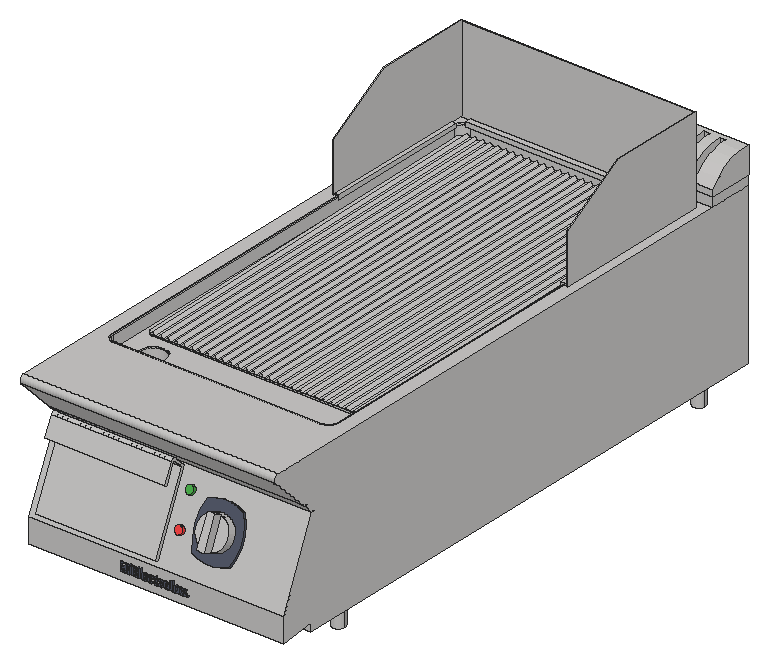
Revit family "QF_ELECTROLUXPROFESSIONAL_391395_E9IILIAOMCA", category Specialty Equipment, Revit 2018
Family settings
  Round Connector Dimension = Use Diameter
  Part Type = Normal
  Work Plane-Based = No
  Always vertical = Yes
  Cut with Voids When Loaded = No
  Shared = No
  Room Calculation Point = No
Parameters
  Width = 400 mm  # constant formula
  Weight in Pounds = 55  # constant formula
  Watts = 0 W
  Volts = 230 V  # constant formula
  URL Cutsheet = "www.electrolux.com"
  URL = "www.electrolux.com"
  Type Mark [instance] = ""
  Status [instance] = ""
  Specification by User [instance] = ""
  Specification by Manufacturer = ""
  Show Logo [instance] = yes
  Show Clearance [instance] = yes
  Serial Number = ""
  Seismic Rating = ""
  SMACNA No = ""
  Revision Code [instance] = ""
  Phase = 3
  Omniclass Number and Title = ""
  Number of Poles [instance] = 1
  NAFEM Spec ID Number = ""
  Model = "391172"
  Min Ckt Ampacity = 0 A
  Max Overcurrent Protection = 0 A
  Masterspec = ""
  Manufacturer = "ELECTROLUX"
  Item Number [instance] = ""
  Installed By [instance] = ""
  Identify Quantity as Lot [instance] = yes
  HP = "10.1 HP"
  Furnished By [instance] = ""
  Foodservice Equipment Identifier [instance] = yes
  FL Amps = if(Phase = 3, Watts / (Volts * 1.73), Watts / Volts)  # 0 A
  Electrical Remarks [instance] = "230 V/3 ph/50/60 Hz"  # constant formula
  Electric Connection Type [instance] = ""
  Elec Conn RI Height [instance] = 0 mm
  Elec Conn Connection Height [instance] = 0 mm
  Direct Waste Size = 0"
  Description = "900XP HALF MODULE ELECTRIC FRY TOP,RIBBED SLOPED PLATE, MILD STEEL - 230V"
  Depth = 930 mm  # constant formula
  Cycle = 60 Hz
  Conn Plug = ""
  Conn Conduit = yes
  CSI MasterFormat = ""
  CSI Master Format = ""
  Apparent Power = if(Phase = 3, Volts * FL Amps * 1.73, Volts * FL Amps)  # 0 VA
  60 Hertz Option = not([50 Hertz Option])  # no
  50 Hertz Option = yes
Reference planes
  plane 1 "BACK": y = 0
  plane 2: z = 0
  plane 3 "LEFT": x = 0
  plane 4 "RIGHT": x = 400
  plane 5 "FRONT": y = -930
  plane 6 "TOP": z = 275
  plane 7 "Center Y": x = 200
  plane 8 "Center X": y = -465
  plane 9: y = -1045
  plane 10: z = 24
  plane 11: z = 290
  plane 12: z = 410
  plane 13: x = 11
  plane 14: x = 389
  plane 15: y = -722.539
Forms (mm)
  Extrusion 1, solid, material "QF_Finishes_Stainless Steel"
    sketch origin (0, 0, 0) x (0, 1, 0) y (0, 0, 1)
      loop
        line (0, 275) -> (-922.686, 275)
        arc (-922.686, 275) -> (-929.443, 270.485) -> (-927.858, 262.514) r 7.314
        line (-927.858, 262.514) -> (-873.907, 208.563) -> (-865.773, 208.563) -> (-865.773, 206.447) -> (-871.79, 206.447) -> (-858.907, 193.563) -> (-850.773, 193.563) -> (-850.773, 191.447) -> (-856.79, 191.447) -> (-913.146, 69.003) -> (-913.146, 30.903) -> (-859.774, 36.513) -> (-859.774, 24) -> (0, 24) -> (0, 275)
    from 0 to 400
  Extrusion 2, solid, material "QF_Finishes_Stainless Steel"
    sketch origin (0, -1, 0) x (1, 0, 0) y (0, 1, 0)
      loop
        circle (11, -82) r 9.525
      loop
        circle (11, -790) r 9.525
      loop
        circle (389, -82) r 9.525
      loop
        circle (389, -790) r 9.525
    from 0 to 24
  Extrusion 3, solid, material "QF_Finishes_Stainless Steel"
    sketch origin (0, 0, 0.362) x (0, 1, 0) y (0, 0, 1)
      loop
        line (0, 289.638) -> (0, 331.738)
        arc (0, 331.738) -> (-38.857, 324.552) -> (-69.85, 300.038) r 82.056
        line (-69.85, 300.038) -> (-69.85, 289.638) -> (0, 289.638)
    from 0 to 400.05
  Extrusion 4, void
    sketch origin (0, 0, 275) x (0, -1, 0) y (1, 0, 0)
      loop
        line (6.761, 29.703) -> (63.911, 29.703) -> (63.911, 38.999) -> (6.761, 38.999) -> (6.761, 29.703)
      loop
        line (63.911, 64.487) -> (6.761, 64.487) -> (6.761, 55.191) -> (63.911, 55.191) -> (63.911, 64.487)
      loop
        line (63.911, 89.975) -> (6.761, 89.975) -> (6.761, 80.68) -> (63.911, 80.68) -> (63.911, 89.975)
      loop
        line (63.911, 115.464) -> (6.761, 115.464) -> (6.761, 106.168) -> (63.911, 106.168) -> (63.911, 115.464)
      loop
        line (63.911, 140.952) -> (6.761, 140.952) -> (6.761, 131.656) -> (63.911, 131.656) -> (63.911, 140.952)
      loop
        line (63.911, 166.44) -> (6.761, 166.44) -> (6.761, 157.145) -> (63.911, 157.145) -> (63.911, 166.44)
      loop
        line (63.911, 191.929) -> (6.761, 191.929) -> (6.761, 182.633) -> (63.911, 182.633) -> (63.911, 191.929)
      loop
        line (63.911, 217.417) -> (6.761, 217.417) -> (6.761, 208.121) -> (63.911, 208.121) -> (63.911, 217.417)
      loop
        line (63.911, 242.905) -> (6.761, 242.905) -> (6.761, 233.61) -> (63.911, 233.61) -> (63.911, 242.905)
      loop
        line (63.911, 268.394) -> (6.761, 268.394) -> (6.761, 259.098) -> (63.911, 259.098) -> (63.911, 268.394)
      loop
        line (63.911, 293.882) -> (6.761, 293.882) -> (6.761, 284.586) -> (63.911, 284.586) -> (63.911, 293.882)
      loop
        line (63.911, 319.37) -> (6.761, 319.37) -> (6.761, 310.075) -> (63.911, 310.075) -> (63.911, 319.37)
      loop
        line (63.911, 344.859) -> (6.761, 344.859) -> (6.761, 335.563) -> (63.911, 335.563) -> (63.911, 344.859)
      loop
        line (63.911, 370.347) -> (6.761, 370.347) -> (6.761, 361.051) -> (63.911, 361.051) -> (63.911, 370.347)
    from 25.4 to 63.5
  Extrusion 5, solid, material "QF_Finishes_Stainless Steel"
    sketch origin (0, 0, 275) x (0, -1, 0) y (1, 0, 0)
      loop
        line (69.85, 0) -> (69.85, 400) -> (0, 400) -> (0, 0) -> (69.85, 0)
    from 0 to 15
  Extrusion 6, solid, material "QF_Finishes_Stainless Steel"
    sketch origin (635, 190.152, 275) x (0, -1, 0) y (1, 0, 0)
      loop
        line (273.542, -252.03) -> (273.542, -617.97) -> (275.13, -617.97) -> (275.13, -252.03) -> (273.542, -252.03)
    from 0 to 135
  Extrusion 7, void
    sketch origin (0, 0, 275) x (0, -1, 0) y (1, 0, 0)
      loop
        arc (92.539, 37.03) -> (96.932, 26.423) -> (107.539, 22.03) r 15
        line (107.539, 22.03) -> (777.539, 22.03)
        arc (777.539, 22.03) -> (788.145, 26.423) -> (792.539, 37.03) r 15
        line (792.539, 37.03) -> (792.539, 362.97)
        arc (792.539, 362.97) -> (788.145, 373.577) -> (777.539, 377.97) r 15
        line (777.539, 377.97) -> (107.539, 377.97)
        arc (107.539, 377.97) -> (96.932, 373.577) -> (92.539, 362.97) r 15
        line (92.539, 362.97) -> (92.539, 37.03)
    from 0 to -21.588
  Sweep 8, solid, material "QF_Finishes_Stainless Steel"
    path origin (0, 0, 0) x (1, 0, 0) y (0, 1, 0)
      loop
        line (22.03, -107.539) -> (22.03, -777.539)
        arc (22.03, -777.539) -> (26.423, -788.145) -> (37.03, -792.539) r 15
        line (37.03, -792.539) -> (362.97, -792.539)
        arc (362.97, -792.539) -> (373.577, -788.145) -> (377.97, -777.539) r 15
        line (377.97, -777.539) -> (377.97, -107.539)
        arc (377.97, -107.539) -> (373.577, -96.932) -> (362.97, -92.539) r 15
        line (362.97, -92.539) -> (37.03, -92.539)
        arc (37.03, -92.539) -> (26.423, -96.932) -> (22.03, -107.539) r 15
    profile origin (22.03, -442.539, 0) x (1, 0, 0) y (0, 0, 1)
      loop
        line (0, 255) -> (1.588, 255) -> (1.588, 272.855)
        arc (1.588, 272.855) -> (1.147, 274.189) -> (0, 275) r 2.242
        line (0, 275) -> (0, 255)
  Extrusion 9, solid, material "QF_Finishes_Stainless Steel"
    sketch origin (0, 0, 0) x (1, 0, 0) y (0, 0, 1)
      loop
        line (17.03, 275.856) -> (23.926, 275.856) -> (23.926, 270.856) -> (25.514, 270.856) -> (25.514, 277.444) -> (17.03, 277.444) -> (17.03, 275.856)
      loop
        line (382.97, 275.856) -> (382.97, 277.444) -> (374.486, 277.444) -> (374.486, 270.856) -> (376.074, 270.856) -> (376.074, 275.856) -> (382.97, 275.856)
    from 105.541 to 335.39
  Extrusion 10, solid, material "QF_Finishes_Stainless Steel"
    sketch origin (0, 0, 0) x (0, 1, 0) y (0, 0, 1)
      loop
        line (-94.126, 270.856) -> (-94.126, 275.856) -> (-84.978, 275.856) -> (-84.978, 277.444) -> (-95.714, 277.444) -> (-95.714, 270.856) -> (-94.126, 270.856)
    from 32.03 to 367.97
  Extrusion 11, solid, material "QF_Finishes_Stainless Steel"
    sketch origin (0, -101.6, 24) x (-1, 0, 0) y (0, 1, 0)
      loop
        circle (-340, -483.4) r 6.35
    from 0 to 5
  Extrusion 12, solid, material "QF_Clearances", visible <- "Show Clearance", detail levels coarse
    sketch origin (0, 0, 0) x (1, 0, 0) y (0, 1, 0)
      loop
        line (0, 0) -> (400, 0) -> (400, -930) -> (500, -930) -> (500, 100) -> (-100, 100) -> (-100, -930) -> (0, -930) -> (0, 0)
    from 0 to 410
  Extrusion 13, solid, material "QF_Finishes_Stainless Steel"
    sketch origin (0, 0, 0) x (0, 1, 0) y (0, 0, 1)
      loop
        line (-792.539, 255) -> (-792.539, 253.413) -> (-92.539, 253.413) -> (-92.539, 255) -> (-792.539, 255)
    from 22.03 to 377.97
  Extrusion 14, solid, material "QF_Finishes_Stainless Steel"
    sketch origin (100, 0, 0) x (0, 1, 0) y (0, 0, 1)
      loop
        line (-858.205, 188.372) -> (-874.612, 204.778)
        arc (-874.612, 204.778) -> (-879.079, 206.181) -> (-882.783, 203.316) r 5.058
        line (-882.783, 203.316) -> (-895.445, 175.806) -> (-892.561, 174.479) -> (-879.899, 201.989)
        arc (-879.899, 201.989) -> (-878.52, 203.055) -> (-876.857, 202.533) r 1.883
        line (-876.857, 202.533) -> (-862.014, 187.69) -> (-912.848, 77.245) -> (-909.964, 75.918) -> (-858.205, 188.372)
    from -89 to 100
  Extrusion 15, solid, material "QF_Door-Drawer Clearances", visible <- "Show Clearance", detail levels coarse
    sketch origin (100, 0, 0) x (0, 1, 0) y (0, 0, 1)
      loop
        line (-1024.713, 174.479) -> (-1012.051, 201.989)
        arc (-1012.051, 201.989) -> (-1010.672, 203.055) -> (-1009.009, 202.533) r 1.883
        line (-1009.009, 202.533) -> (-994.166, 187.69) -> (-1045, 77.245) -> (-1042.116, 75.918) -> (-909.964, 75.918) -> (-858.205, 188.372) -> (-874.612, 204.778)
        arc (-874.612, 204.778) -> (-875.847, 205.685) -> (-877.298, 206.181) r 5.058
        line (-877.298, 206.181) -> (-1011.231, 206.181)
        arc (-1011.231, 206.181) -> (-1013.435, 205.203) -> (-1014.935, 203.316) r 5.058
        line (-1014.935, 203.316) -> (-1027.597, 175.806) -> (-1024.713, 174.479)
    from -89 to 100
  Extrusion 16, void
    sketch origin (0, 0, 0) x (1, 0, 0) y (0, 1, 0)
      loop
        circle (71.879, -758.736) r 20
    from 235.859 to 256.719
  Extrusion 17, solid, material "QF_Finishes_Stainless Steel"
    sketch origin (0, 0, 0) x (0, 1, 0) y (0, 0, 1)
      loop
        line (-83.39, 410) -> (-235.39, 410) -> (-335.39, 352.265) -> (-335.39, 275) -> (-83.39, 275) -> (-83.39, 410)
    from 15.442 to 17.03
  Extrusion 18, solid, material "QF_Finishes_Stainless Steel"
    sketch origin (400, 0, 0) x (0, 1, 0) y (0, 0, -1)
      loop
        line (-83.39, -410) -> (-83.39, -275) -> (-335.39, -275) -> (-335.39, -352.265) -> (-235.39, -410) -> (-83.39, -410)
    from 15.442 to 17.03
  Extrusion 19, solid, material "QF_Finishes_Navy Blue"
    sketch origin (115.456, -912.449, 70.59) x (0, 0.419232, 0.907879) y (-1, 0, 0)
      loop
        arc (102.26, -132.62) -> (66.843, -125.139) -> (31.333, -132.16) r 90.355
        arc (31.333, -132.16) -> (24.504, -161.269) -> (31.333, -190.378) r 65.456
        arc (31.333, -190.378) -> (66.877, -199.452) -> (102.26, -189.765) r 71.728
        arc (102.26, -189.765) -> (108.852, -161.193) -> (102.26, -132.62) r 65.22
    from 0 to 3.175
  Extrusion 20, solid, material "QF_Finishes_Stainless Steel"
    sketch origin (115.456, -916.163, 70.121) x (0, 0.419232, 0.907879) y (-1, 0, 0)
      loop
        circle (68.826, -160.963) r 25.4
    from 0 to 12.7
  Extrusion 21, solid, material "QF_Finishes_Stainless Steel"
    sketch origin (115.456, -927.693, 75.445) x (0, 0.419232, 0.907879) y (-1, 0, 0)
      loop
        arc (93.558, -166.749) -> (94.226, -160.963) -> (93.558, -155.177) r 25.4
        line (93.558, -155.177) -> (44.094, -155.177)
        arc (44.094, -155.177) -> (43.426, -160.963) -> (44.094, -166.749) r 25.4
        line (44.094, -166.749) -> (93.558, -166.749)
    from 0 to 12.7
  Extrusion 22, solid, material "QF_Finishes_Navy Blue", visible <- "Show Logo"
    sketch origin (-142.26, -913.146, 37.253) x (0, 0, 1) y (-1, 0, 0)
      loop
        line (20.674, -296.698) -> (8.307, -296.698)
        arc (8.307, -296.698) -> (14.491, -301.27) -> (20.674, -296.698) r 6.467
      loop
        arc (20.674, -296.069) -> (19.505, -290.926) -> (14.849, -288.448) r 6.338
        line (14.849, -288.448) -> (14.849, -290.494)
        arc (14.849, -290.494) -> (16.333, -294.149) -> (19.778, -296.069) r 5.941
        line (19.778, -296.069) -> (20.674, -296.069)
      loop
        arc (9.203, -296.069) -> (12.648, -294.149) -> (14.132, -290.494) r 5.941
        line (14.132, -290.494) -> (14.132, -288.448)
        arc (14.132, -288.448) -> (9.438, -290.922) -> (8.148, -296.069) r 6.504
        line (8.148, -296.069) -> (9.203, -296.069)
      loop
        line (21.349, -287.979) -> (7.604, -287.979) -> (7.604, -301.742) -> (21.349, -301.742) -> (21.349, -287.979)
      loop
        arc (21.432, -304.71) -> (21.085, -304.352) -> (20.718, -304.69) r 0.358
        arc (20.718, -304.69) -> (20.404, -305.44) -> (19.687, -305.825) r 1.216
        line (19.687, -305.825) -> (9.274, -305.825)
        arc (9.274, -305.825) -> (8.614, -305.548) -> (8.218, -304.951) r 1.238
        arc (8.218, -304.951) -> (7.823, -304.7) -> (7.518, -305.054) r 0.358
        line (7.518, -305.054) -> (7.518, -314.933) -> (10.269, -314.933) -> (10.269, -314.036)
        arc (10.269, -314.036) -> (9.36, -313.456) -> (8.904, -312.479) r 1.928
        line (8.904, -312.479) -> (8.904, -309.98)
        arc (8.904, -309.98) -> (9.18, -309.251) -> (9.868, -308.887) r 1.101
        line (9.868, -308.887) -> (13.955, -308.887) -> (13.955, -312.561)
        arc (13.955, -312.561) -> (13.602, -313.058) -> (13.037, -313.286) r 1.083
        arc (13.037, -313.286) -> (12.773, -313.591) -> (13.065, -313.869) r 0.292
        line (13.065, -313.869) -> (16.028, -313.869)
        arc (16.028, -313.869) -> (16.33, -313.596) -> (16.092, -313.266) r 0.305
        arc (16.092, -313.266) -> (15.601, -313.018) -> (15.296, -312.561) r 1.083
        line (15.296, -312.561) -> (15.296, -308.887) -> (19.973, -308.887) -> (19.973, -312.635)
        arc (19.973, -312.635) -> (19.759, -313.39) -> (19.153, -313.888) r 1.314
        arc (19.153, -313.888) -> (18.934, -314.292) -> (19.288, -314.585) r 0.361
        line (19.288, -314.585) -> (21.432, -314.585) -> (21.432, -304.71)
      loop
        arc (20.715, -315.365) -> (20.335, -316.284) -> (19.416, -316.664) r 1.299
        line (19.416, -316.664) -> (9.837, -316.664)
        arc (9.837, -316.664) -> (8.999, -316.286) -> (8.728, -315.408) r 1.118
        line (8.728, -315.408) -> (7.518, -315.408) -> (7.518, -320.758) -> (8.706, -320.758)
        arc (8.706, -320.758) -> (8.978, -319.841) -> (9.848, -319.445) r 1.153
        line (9.848, -319.445) -> (21.92, -319.445) -> (20.715, -315.365)
      loop
        line (12.483, -323.394) -> (12.483, -329.842) -> (13.282, -329.842)
        arc (13.282, -329.842) -> (15.862, -328.857) -> (17.131, -326.404) r 3.874
        line (17.131, -326.404) -> (17.131, -324.643)
        arc (17.131, -324.643) -> (15.944, -321.778) -> (13.08, -320.592) r 4.051
        line (13.08, -320.592) -> (11.072, -320.592)
        arc (11.072, -320.592) -> (8.253, -322.077) -> (7.202, -325.084) r 4.352
        arc (7.202, -325.084) -> (7.566, -327.547) -> (8.943, -329.621) r 5.713
        line (8.943, -329.621) -> (9.892, -329.621)
        arc (9.892, -329.621) -> (9.16, -328.052) -> (8.943, -326.334) r 5.579
        arc (8.943, -326.334) -> (9.737, -324.371) -> (11.616, -323.394) r 3.057
        line (11.616, -323.394) -> (12.483, -323.394)
      loop
        line (13.742, -323.394) -> (13.742, -326.977)
        arc (13.742, -326.977) -> (15.199, -327.024) -> (16.082, -325.864) r 1.59
        line (16.082, -325.864) -> (16.082, -325.034)
        arc (16.082, -325.034) -> (15.217, -323.779) -> (13.742, -323.394) r 2.184
      loop
        arc (16.533, -339.259) -> (17.022, -337.585) -> (17.179, -335.848) r 9.023
        line (17.179, -335.848) -> (17.179, -334.486)
        arc (17.179, -334.486) -> (16.02, -331.686) -> (13.22, -330.527) r 3.959
        line (13.22, -330.527) -> (10.62, -330.527)
        arc (10.62, -330.527) -> (8.338, -331.819) -> (7.221, -334.192) r 4.331
        line (7.221, -334.192) -> (7.221, -336.327)
        arc (7.221, -336.327) -> (7.729, -337.877) -> (8.651, -339.223) r 5.772
        arc (8.651, -339.223) -> (9.412, -339.274) -> (9.499, -338.515) r 0.553
        arc (9.499, -338.515) -> (9.111, -337.781) -> (8.977, -336.962) r 2.573
        line (8.977, -336.962) -> (8.977, -335.447)
        arc (8.977, -335.447) -> (9.983, -333.806) -> (11.798, -333.163) r 2.884
        line (11.798, -333.163) -> (13.077, -333.163)
        arc (13.077, -333.163) -> (14.898, -333.723) -> (15.824, -335.388) r 2.554
        line (15.824, -335.388) -> (15.824, -336.441)
        arc (15.824, -336.441) -> (15.493, -337.369) -> (14.836, -338.104) r 2.564
        arc (14.836, -338.104) -> (14.614, -338.821) -> (15.223, -339.259) r 0.643
        line (15.223, -339.259) -> (16.533, -339.259)
      loop
        line (15.515, -339.53) -> (15.515, -341.031) -> (9.467, -341.031)
        arc (9.467, -341.031) -> (7.879, -341.688) -> (7.221, -343.276) r 2.246
        line (7.221, -343.276) -> (7.221, -344.86)
        arc (7.221, -344.86) -> (7.535, -345.725) -> (8.035, -346.496) r 4.06
        arc (8.035, -346.496) -> (8.768, -346.629) -> (9.019, -345.928) r 0.576
        arc (9.019, -345.928) -> (8.913, -345.403) -> (8.977, -344.87) r 1.69
        arc (8.977, -344.87) -> (9.519, -344.082) -> (10.425, -343.779) r 1.506
        line (10.425, -343.779) -> (15.563, -343.779) -> (15.563, -346.176) -> (16.119, -346.733) -> (16.941, -346.733) -> (16.941, -343.873) -> (20.172, -343.873) -> (15.515, -339.53)
      loop
        line (7.438, -347.63) -> (7.438, -353.017) -> (8.548, -353.017)
        arc (8.548, -353.017) -> (8.942, -352.066) -> (9.893, -351.672) r 1.345
        line (9.893, -351.672) -> (13.509, -351.672)
        arc (13.509, -351.672) -> (14.274, -352.264) -> (14.564, -353.186) r 1.615
        line (14.564, -353.186) -> (14.564, -354.742) -> (17.119, -355.427) -> (17.119, -354.044) -> (15.177, -351.485) -> (17.057, -351.485) -> (16.773, -348.779)
        arc (16.773, -348.779) -> (16.333, -348.249) -> (15.674, -348.45) r 0.621
        arc (15.674, -348.45) -> (15.274, -348.792) -> (14.78, -348.975) r 1.501
        line (14.78, -348.975) -> (9.893, -348.975)
        arc (9.893, -348.975) -> (8.942, -348.581) -> (8.548, -347.63) r 1.345
        line (8.548, -347.63) -> (7.438, -347.63)
      loop
        line (13.54, -354.964) -> (10.848, -354.964)
        arc (10.848, -354.964) -> (8.403, -356.272) -> (7.269, -358.803) r 4.288
        arc (7.269, -358.803) -> (7.205, -360.183) -> (7.269, -361.563) r 15.022
        arc (7.269, -361.563) -> (8.403, -364.094) -> (10.848, -365.401) r 4.288
        line (10.848, -365.401) -> (13.54, -365.401)
        arc (13.54, -365.401) -> (15.986, -364.094) -> (17.119, -361.563) r 4.288
        arc (17.119, -361.563) -> (17.183, -360.183) -> (17.119, -358.803) r 15.022
        arc (17.119, -358.803) -> (15.986, -356.272) -> (13.54, -354.964) r 4.288
      loop
        line (13.745, -358.078) -> (10.643, -358.078)
        arc (10.643, -358.078) -> (8.486, -360.235) -> (10.643, -362.392) r 2.157
        line (10.643, -362.392) -> (13.745, -362.392)
        arc (13.745, -362.392) -> (15.902, -360.235) -> (13.745, -358.078) r 2.157
      loop
        arc (20.726, -365.26) -> (20.355, -366.154) -> (19.461, -366.524) r 1.264
        line (19.461, -366.524) -> (9.597, -366.524)
        arc (9.597, -366.524) -> (8.727, -366.127) -> (8.455, -365.211) r 1.153
        line (8.455, -365.211) -> (7.518, -365.211) -> (7.518, -370.319) -> (8.446, -370.319)
        arc (8.446, -370.319) -> (8.805, -369.547) -> (9.597, -369.232) r 1.153
        line (9.597, -369.232) -> (21.92, -369.232) -> (20.726, -365.26)
      loop
        arc (15.846, -369.857) -> (15.647, -370.921) -> (14.678, -371.403) r 1.215
        line (14.678, -371.403) -> (9.658, -371.403)
        arc (9.658, -371.403) -> (8.043, -372.051) -> (7.322, -373.634) r 2.338
        line (7.322, -373.634) -> (7.322, -375.148)
        arc (7.322, -375.148) -> (7.497, -376.152) -> (7.999, -377.038) r 2.979
        line (7.999, -377.038) -> (7.518, -378.835) -> (7.518, -380.524) -> (16.943, -380.524) -> (16.649, -376.32) -> (15.863, -376.32)
        arc (15.863, -376.32) -> (15.507, -377.156) -> (14.755, -377.665) r 1.605
        line (14.755, -377.665) -> (9.652, -377.665)
        arc (9.652, -377.665) -> (9.232, -376.728) -> (9.159, -375.704) r 2.94
        arc (9.159, -375.704) -> (9.72, -374.603) -> (10.873, -374.16) r 1.724
        line (10.873, -374.16) -> (17.07, -374.16) -> (15.846, -369.857)
      loop
        line (16.874, -381.377) -> (15.202, -383.423) -> (12.028, -385.729) -> (8.572, -382.617)
        arc (8.572, -382.617) -> (8.335, -382.223) -> (8.357, -381.764) r 0.789
        line (8.357, -381.764) -> (7.518, -381.764) -> (7.518, -385.309) -> (8.344, -385.309)
        arc (8.344, -385.309) -> (8.686, -384.947) -> (9.176, -385.039) r 0.52
        line (9.176, -385.039) -> (10.976, -386.51) -> (8.858, -387.886)
        arc (8.858, -387.886) -> (8.457, -387.576) -> (8.37, -387.076) r 0.7
        line (8.37, -387.076) -> (7.518, -387.076) -> (7.518, -393.003) -> (8.405, -393.003)
        arc (8.405, -393.003) -> (8.472, -392.344) -> (8.866, -391.813) r 1.247
        line (8.866, -391.813) -> (13.066, -388.532) -> (15.513, -390.585) -> (16.874, -392.327) -> (16.874, -388.604) -> (15.389, -389.026) -> (13.868, -387.749) -> (15.568, -386.559) -> (16.874, -387.336) -> (16.874, -381.377)
    from 0 to 1.644
  Extrusion 23, solid, material "QF_Finishes_Green"
    sketch origin (129.198, -908.494, 79.155) x (0, 0.419232, 0.907879) y (-1, 0, 0)
      loop
        circle (94.749, -90.848) r 6.35
    from 0 to 3.175
  Extrusion 24, solid, material "QF_Finishes_Red"
    sketch origin (129.198, -930.457, 31.593) x (0, 0.419232, 0.907879) y (-1, 0, 0)
      loop
        circle (95.112, -90.848) r 6.35
    from 0 to 3.175
  Sweep 25, solid, material "QF_Finishes_Stainless Steel"
    path origin (-397.595, 30.508, -0.106) x (0, 1, 0) y (0, 0, 1)
      loop
        line (-135.915, 265.323) -> (-752.997, 257.106)
    profile origin (-397.595, -413.948, 261.109) x (0, 0.013315, -0.999911) y (1, 0, 0)
      loop
        line (0, 759.22) -> (-3.736, 755.344) -> (0, 751.467) -> (0, 759.22)
      loop
        line (0, 747.086) -> (-3.736, 743.209) -> (0, 739.332) -> (0, 747.086)
      loop
        line (0, 734.951) -> (-3.736, 731.075) -> (0, 727.198) -> (0, 734.951)
      loop
        line (0, 722.817) -> (-3.736, 718.94) -> (0, 715.063) -> (0, 722.817)
      loop
        line (0, 710.682) -> (-3.736, 706.806) -> (0, 702.929) -> (0, 710.682)
      loop
        line (0, 698.548) -> (-3.736, 694.671) -> (0, 690.794) -> (0, 698.548)
      loop
        line (0, 686.413) -> (-3.736, 682.537) -> (0, 678.66) -> (0, 686.413)
      loop
        line (0, 674.279) -> (-3.736, 670.402) -> (0, 666.525) -> (0, 674.279)
      loop
        line (0, 662.144) -> (-3.736, 658.268) -> (0, 654.391) -> (0, 662.144)
      loop
        line (0, 650.01) -> (-3.736, 646.133) -> (0, 642.256) -> (0, 650.01)
      loop
        line (0, 637.875) -> (-3.736, 633.999) -> (0, 630.122) -> (0, 637.875)
      loop
        line (0, 625.741) -> (-3.736, 621.864) -> (0, 617.987) -> (0, 625.741)
      loop
        line (0, 613.606) -> (-3.736, 609.73) -> (0, 605.853) -> (0, 613.606)
      loop
        line (0, 601.472) -> (-3.736, 597.595) -> (0, 593.718) -> (0, 601.472)
      loop
        line (0, 589.337) -> (-3.736, 585.46) -> (0, 581.584) -> (0, 589.337)
      loop
        line (0, 577.203) -> (-3.736, 573.326) -> (0, 569.449) -> (0, 577.203)
      loop
        line (0, 565.068) -> (-3.736, 561.191) -> (0, 557.315) -> (0, 565.068)
      loop
        line (0, 552.934) -> (-3.736, 549.057) -> (0, 545.18) -> (0, 552.934)
      loop
        line (0, 540.799) -> (-3.736, 536.922) -> (0, 533.046) -> (0, 540.799)
      loop
        line (0, 528.665) -> (-3.736, 524.788) -> (0, 520.911) -> (0, 528.665)
      loop
        line (0, 516.53) -> (-3.736, 512.653) -> (0, 508.777) -> (0, 516.53)
      loop
        line (0, 504.396) -> (-3.736, 500.519) -> (0, 496.642) -> (0, 504.396)
      loop
        line (0, 492.261) -> (-3.736, 488.384) -> (0, 484.508) -> (0, 492.261)
      loop
        line (0, 480.127) -> (-3.736, 476.25) -> (0, 472.373) -> (0, 480.127)
      loop
        line (0, 467.992) -> (-3.736, 464.115) -> (0, 460.239) -> (0, 467.992)
      loop
        line (0, 455.857) -> (-3.736, 451.981) -> (0, 448.104) -> (0, 455.857)
      loop
        line (0, 443.723) -> (-3.736, 439.846) -> (0, 435.969) -> (0, 443.723)
  Extrusion 26, solid, material "QF_Finishes_Stainless Steel"
    sketch origin (0, 0, 0) x (0, 1, 0) y (0, 0, 1)
      loop
        line (-722.539, 256.999) -> (-722.539, 255) -> (-105.406, 255) -> (-105.406, 265.217) -> (-722.539, 256.999)
    from 32.03 to 367.97
  Extrusion 27, void
    sketch origin (0, 0, 0) x (1, 0, 0) y (0, 1, 0)
      loop
        line (32.03, -712.539) -> (32.03, -722.539) -> (42.03, -722.539)
        arc (42.03, -722.539) -> (34.958, -719.61) -> (32.03, -712.539) r 10
      loop
        arc (367.97, -712.539) -> (365.042, -719.61) -> (357.97, -722.539) r 10
        line (357.97, -722.539) -> (367.97, -722.539) -> (367.97, -712.539)
      loop
        arc (32.03, -115.406) -> (34.958, -108.335) -> (42.03, -105.406) r 10
        line (42.03, -105.406) -> (32.03, -105.406) -> (32.03, -115.406)
      loop
        line (367.97, -115.406) -> (367.97, -105.406) -> (357.97, -105.406)
        arc (357.97, -105.406) -> (365.042, -108.335) -> (367.97, -115.406) r 10
    from 255 to 270.856
Cuts and joins
  Extrusion 4 cuts Extrusion 3
  Extrusion 7, Extrusion 16 cuts Extrusion 1
  Extrusion 16 cuts Extrusion 13
  Extrusion 27 cuts Extrusion 26
Lines and regions (mm)
  symbolic lines, style "QF_Clearances", visible <- "Show Clearance", detail levels coarse
    curve 1: line (500, -930, 0) -> (500, 100, 0)
    curve 2: line (500, 100, 0) -> (-100, 100, 0)
    curve 3: line (-100, 100, 0) -> (-100, -930, 0)
  symbolic lines, style "QF_Door-Drawer Clearances", visible <- "Show Clearance", detail levels medium+fine
    curve 4: line (11, -930, 0) -> (11, -1045, 0)
    curve 5: line (200, -930, 0) -> (200, -1045, 0)
  symbolic lines
    curve 6: line (0, -930, 0) -> (400, -930, 0)
    curve 7: line (400, -930, 0) -> (400, 0, 0)
    curve 8: line (400, 0, 0) -> (0, 0, 0)
    curve 9: line (0, 0, 0) -> (0, -930, 0)
    curve 10: line (362.97, -792.539, 0) -> (37.03, -792.539, 0)
    curve 11: arc (37.03, -792.539, 0) -> (26.423, -788.145, 0) -> (22.03, -777.539, 0) r 15
    curve 12: line (22.03, -777.539, 0) -> (22.03, -335.39, 0)
    curve 13: arc (22.163, -105.541, 0) -> (25.387, -98.081, 0) -> (32.03, -93.397, 0) r 15
    curve 14: arc (367.97, -93.397, 0) -> (374.613, -98.081, 0) -> (377.837, -105.541, 0) r 15
    curve 15: line (377.97, -335.39, 0) -> (377.97, -777.539, 0)
    curve 16: arc (377.97, -777.539, 0) -> (373.577, -788.145, 0) -> (362.97, -792.539, 0) r 15
    curve 17: line (357.97, -722.539, 0) -> (42.03, -722.539, 0)
    curve 18: arc (42.03, -722.539, 0) -> (34.958, -719.61, 0) -> (32.03, -712.539, 0) r 10
    curve 19: line (32.03, -712.539, 0) -> (32.03, -115.406, 0)
    curve 20: arc (32.03, -115.406, 0) -> (34.958, -108.335, 0) -> (42.03, -105.406, 0) r 10
    curve 21: line (42.03, -105.406, 0) -> (357.97, -105.406, 0)
    curve 22: arc (357.97, -105.406, 0) -> (365.042, -108.335, 0) -> (367.97, -115.406, 0) r 10
    curve 23: line (367.97, -115.406, 0) -> (367.97, -712.539, 0)
    curve 24: arc (367.97, -712.539, 0) -> (365.042, -719.61, 0) -> (357.97, -722.539, 0) r 10
    curve 25: line (15.442, -83.39, 0) -> (15.442, -335.39, 0)
    curve 26: line (384.558, -83.39, 0) -> (15.442, -83.39, 0)
    curve 27: line (384.558, -335.39, 0) -> (384.558, -83.39, 0)
    curve 28: line (367.97, -95.714, 0) -> (367.97, -83.39, 0)
    curve 29: line (32.03, -95.714, 0) -> (367.97, -95.714, 0)
    curve 30: line (32.03, -83.39, 0) -> (32.03, -95.714, 0)
    curve 31: line (384.558, -105.541, 0) -> (374.486, -105.541, 0)
    curve 32: line (25.514, -335.39, 0) -> (25.514, -105.541, 0)
    curve 33: line (15.442, -335.39, 0) -> (25.514, -335.39, 0)
    curve 34: line (374.486, -105.541, 0) -> (374.486, -335.39, 0)
    curve 35: line (374.486, -335.39, 0) -> (384.558, -335.39, 0)
    curve 36: line (25.514, -105.541, 0) -> (15.442, -105.541, 0)
    curve 37: line (38.999, -6.761, 0) -> (38.999, -63.911, 0)
    curve 38: line (38.999, -63.911, 0) -> (29.703, -63.911, 0)
    curve 39: line (29.703, -63.911, 0) -> (29.703, -6.761, 0)
    curve 40: line (29.703, -6.761, 0) -> (38.999, -6.761, 0)
    curve 41: line (55.191, -63.911, 0) -> (55.191, -6.761, 0)
    curve 42: line (55.191, -6.761, 0) -> (64.487, -6.761, 0)
    curve 43: line (64.487, -6.761, 0) -> (64.487, -63.911, 0)
    curve 44: line (64.487, -63.911, 0) -> (55.191, -63.911, 0)
    curve 45: line (89.975, -6.761, 0) -> (89.975, -63.911, 0)
    curve 46: line (89.975, -63.911, 0) -> (80.68, -63.911, 0)
    curve 47: line (80.68, -63.911, 0) -> (80.68, -6.761, 0)
    curve 48: line (80.68, -6.761, 0) -> (89.975, -6.761, 0)
    curve 49: line (115.464, -6.761, 0) -> (115.464, -63.911, 0)
    curve 50: line (115.464, -63.911, 0) -> (106.168, -63.911, 0)
    curve 51: line (106.168, -63.911, 0) -> (106.168, -6.761, 0)
    curve 52: line (106.168, -6.761, 0) -> (115.464, -6.761, 0)
    curve 53: line (140.952, -6.761, 0) -> (140.952, -63.911, 0)
    curve 54: line (140.952, -63.911, 0) -> (131.656, -63.911, 0)
    curve 55: line (131.656, -63.911, 0) -> (131.656, -6.761, 0)
    curve 56: line (131.656, -6.761, 0) -> (140.952, -6.761, 0)
    curve 57: line (166.44, -6.761, 0) -> (166.44, -63.911, 0)
    curve 58: line (166.44, -63.911, 0) -> (157.145, -63.911, 0)
    curve 59: line (157.145, -63.911, 0) -> (157.145, -6.761, 0)
    curve 60: line (157.145, -6.761, 0) -> (166.44, -6.761, 0)
    curve 61: line (191.929, -6.761, 0) -> (191.929, -63.911, 0)
    curve 62: line (191.929, -63.911, 0) -> (182.633, -63.911, 0)
    curve 63: line (182.633, -63.911, 0) -> (182.633, -6.761, 0)
    curve 64: line (182.633, -6.761, 0) -> (191.929, -6.761, 0)
    curve 65: line (208.121, -63.911, 0) -> (208.121, -6.761, 0)
    curve 66: line (208.121, -6.761, 0) -> (217.417, -6.761, 0)
    curve 67: line (217.417, -6.761, 0) -> (217.417, -63.911, 0)
    curve 68: line (217.417, -63.911, 0) -> (208.121, -63.911, 0)
    curve 69: line (367.97, -83.39, 0) -> (367.97, -95.714, 0)
    curve 70: line (361.001, -6.761, 0) -> (361.001, -63.911, 0)
    curve 71: line (361.001, -63.911, 0) -> (370.297, -63.911, 0)
    curve 72: line (370.297, -63.911, 0) -> (370.297, -6.761, 0)
    curve 73: line (370.297, -6.761, 0) -> (361.001, -6.761, 0)
    curve 74: line (344.809, -63.911, 0) -> (344.809, -6.761, 0)
    curve 75: line (344.809, -6.761, 0) -> (335.513, -6.761, 0)
    curve 76: line (335.513, -6.761, 0) -> (335.513, -63.911, 0)
    curve 77: line (335.513, -63.911, 0) -> (344.809, -63.911, 0)
    curve 78: line (310.025, -6.761, 0) -> (310.025, -63.911, 0)
    curve 79: line (310.025, -63.911, 0) -> (319.32, -63.911, 0)
    curve 80: line (319.32, -63.911, 0) -> (319.32, -6.761, 0)
    curve 81: line (319.32, -6.761, 0) -> (310.025, -6.761, 0)
    curve 82: line (284.536, -6.761, 0) -> (284.536, -63.911, 0)
    curve 83: line (284.536, -63.911, 0) -> (293.832, -63.911, 0)
    curve 84: line (293.832, -63.911, 0) -> (293.832, -6.761, 0)
    curve 85: line (293.832, -6.761, 0) -> (284.536, -6.761, 0)
    curve 86: line (259.048, -6.761, 0) -> (259.048, -63.911, 0)
    curve 87: line (259.048, -63.911, 0) -> (268.344, -63.911, 0)
    curve 88: line (268.344, -63.911, 0) -> (268.344, -6.761, 0)
    curve 89: line (268.344, -6.761, 0) -> (259.048, -6.761, 0)
    curve 90: line (233.56, -6.761, 0) -> (233.56, -63.911, 0)
    curve 91: line (233.56, -63.911, 0) -> (242.855, -63.911, 0)
    curve 92: line (242.855, -63.911, 0) -> (242.855, -6.761, 0)
    curve 93: line (242.855, -6.761, 0) -> (233.56, -6.761, 0)
    curve 94: arc (51.879, -758.736, 0) -> (71.879, -738.736, 0) -> (91.879, -758.736, 0) r 20
    curve 95: arc (51.879, -758.736, 0) -> (71.879, -778.736, 0) -> (91.879, -758.736, 0) r 20
    curve 96: line (42.251, -105.456, 0) -> (42.251, -722.539, 0)
    curve 97: line (54.386, -105.406, 0) -> (54.386, -722.539, 0)
    curve 98: line (66.52, -105.406, 0) -> (66.52, -722.539, 0)
    curve 99: line (78.655, -105.406, 0) -> (78.655, -722.539, 0)
    curve 100: line (90.789, -105.406, 0) -> (90.789, -722.539, 0)
    curve 101: line (102.924, -105.406, 0) -> (102.924, -722.539, 0)
    curve 102: line (115.058, -105.406, 0) -> (115.058, -722.539, 0)
    curve 103: line (127.193, -105.406, 0) -> (127.193, -722.539, 0)
    curve 104: line (139.327, -105.406, 0) -> (139.327, -722.539, 0)
    curve 105: line (151.462, -105.406, 0) -> (151.462, -722.539, 0)
    curve 106: line (163.596, -105.406, 0) -> (163.596, -722.539, 0)
    curve 107: line (175.731, -105.406, 0) -> (175.731, -722.539, 0)
    curve 108: line (187.865, -105.406, 0) -> (187.865, -722.539, 0)
    curve 109: line (200, -105.406, 0) -> (200, -722.539, 0)
    curve 110: line (212.135, -105.406, 0) -> (212.135, -722.539, 0)
    curve 111: line (224.269, -105.406, 0) -> (224.269, -722.539, 0)
    curve 112: line (236.404, -105.406, 0) -> (236.404, -722.539, 0)
    curve 113: line (248.538, -105.406, 0) -> (248.538, -722.539, 0)
    curve 114: line (260.673, -105.406, 0) -> (260.673, -722.539, 0)
    curve 115: line (272.807, -105.406, 0) -> (272.807, -722.539, 0)
    curve 116: line (284.942, -105.406, 0) -> (284.942, -722.539, 0)
    curve 117: line (297.076, -105.406, 0) -> (297.076, -722.539, 0)
    curve 118: line (309.211, -105.406, 0) -> (309.211, -722.539, 0)
    curve 119: line (321.345, -105.406, 0) -> (321.345, -722.539, 0)
    curve 120: line (333.48, -105.406, 0) -> (333.48, -722.539, 0)
    curve 121: line (345.614, -105.406, 0) -> (345.614, -722.539, 0)
    curve 122: line (357.749, -105.406, 0) -> (357.749, -722.539, 0)
  symbolic lines, style "QF_Door-Drawer Clearances"
    curve 123: line (11, -930, 0) -> (11, -1045, 0)
    curve 124: line (200, -1045, 0) -> (200, -930, 0)
    curve 125: line (11, -1045, 0) -> (200, -1045, 0)
Dimensions and locks
  equal spacing: plane 3 "LEFT", plane 7 "Center Y", plane 4 "RIGHT"
  "Width": plane 3 "LEFT" to plane 4 "RIGHT"
  equal spacing: plane 5 "FRONT", plane 8 "Center X", plane 1 "BACK"
  "Depth": plane 5 "FRONT" to plane 1 "BACK"
  plane 6 "TOP" to level = 275 mm
  plane 1 "BACK" to plane 9 = 1045 mm  (x2)
  plane 10 to level = 24 mm  (x2)
  plane 11 to plane 10 = 266 mm
  plane 6 "TOP" to plane 10 = 251 mm
  plane 12 to level = 410 mm  (x2)
  plane 12 to plane 10 = 386 mm
  plane 13 to plane 3 "LEFT" = 11 mm
  locked: plane 14 to plane 4 "RIGHT" at 11
  plane 1 "BACK" to plane 5 "FRONT" = 930 mm
  Extrusion 11 to plane 10 = 5 mm
  plane 1 "BACK" to Extrusion 11 = 585 mm
  plane 1 "BACK" to Extrusion 2 to Extrusion 2 to plane 5 "FRONT" = 83 mm, 708 mm, 139 mm
  plane 13 to plane 14 = 378 mm
  plane 1 "BACK" to curve 2 = 100 mm
  plane 4 "RIGHT" to curve 1 = 100 mm
  curve 3 to plane 3 "LEFT" = 100 mm
  Extrusion 11 sketch curve to plane 4 "RIGHT" = 60 mm
  aligned and locked: level to plane 2
  aligned and locked: Extrusion 1 to plane 4 "RIGHT"
Automatic sketch dimensions
  Extrusion 1 sketch curve to plane 6 "TOP" = 0 mm
  Extrusion 1 sketch curve to plane 10 = 0 mm
  Extrusion 1 sketch curve to plane 1 "BACK" = 0 mm
  Extrusion 1 sketch curve to plane 5 "FRONT" = 79.227 mm
  Extrusion 1 sketch curve to Extrusion 1 sketch curve = 6.017 mm  (x2)
  Extrusion 1 sketch curve to Extrusion 1 sketch curve = 2.117 mm  (x4)
  plane 10 to Extrusion 1 sketch curve = 12.513 mm
  Extrusion 1 sketch curve to plane 5 "FRONT" = 70.226 mm
  Extrusion 1 sketch curve to Extrusion 1 sketch curve = 6.866 mm
  Extrusion 1 sketch curve to plane 5 "FRONT" = 16.854 mm
  Extrusion 1 sketch curve to plane 5 "FRONT" = 7.314 mm
  Extrusion 1 sketch curve to plane 5 "FRONT" = 2.142 mm
  plane 10 to Extrusion 1 sketch curve = 6.903 mm
  Extrusion 1 sketch curve to Extrusion 1 sketch curve = 38.1 mm
  Extrusion 1 sketch curve to plane 6 "TOP" = 83.553 mm
  Extrusion 1 sketch curve to Extrusion 1 sketch curve = 12.883 mm
  Extrusion 1 sketch curve to plane 6 "TOP" = 12.486 mm
  Extrusion 2 sketch curve to plane 13 = 0 mm  (x2)
  Extrusion 2 sketch curve to plane 14 = 0 mm  (x2)
  Extrusion 2 sketch curve to plane 5 "FRONT" = 139 mm  (x2)
  plane 1 "BACK" to Extrusion 2 sketch curve = 83 mm  (x2)
  Extrusion 3 sketch curve to plane 11 = 0 mm
  Extrusion 3 sketch curve to plane 1 "BACK" = 0 mm
  plane 1 "BACK" to Extrusion 3 sketch curve = 4.947 mm
  plane 11 to Extrusion 3 sketch curve = 10.4 mm
  plane 1 "BACK" to Extrusion 3 sketch curve = 69.85 mm
  Extrusion 3 sketch curve to plane 6 "TOP" = 24.807 mm
  plane 1 "BACK" to Extrusion 4 sketch curve = 6.761 mm  (x14)
  plane 7 "Center Y" to Extrusion 4 sketch curve = 17.417 mm
  Extrusion 4 sketch curve to Extrusion 4 sketch curve = 57.15 mm
  Extrusion 4 sketch curve to plane 7 "Center Y" = 8.071 mm
  Extrusion 4 sketch curve to Extrusion 4 sketch curve = 0 mm  (x13)
  Extrusion 4 sketch curve to Extrusion 4 sketch curve = 9.296 mm  (x13)
  Extrusion 4 sketch curve to Extrusion 4 sketch curve = 16.193 mm  (x12)
  plane 7 "Center Y" to Extrusion 4 sketch curve = 8.121 mm
  plane 13 to Sweep 8 sketch curve = 11.03 mm
  Sweep 8 sketch curve to Sweep 8 sketch curve = 15 mm  (x2)
  plane 14 to Sweep 8 sketch curve = 26.03 mm  (x2)
  plane 14 to Sweep 8 sketch curve = 11.03 mm
  Sweep 8 sketch curve to plane 5 "FRONT" = 137.461 mm
  plane 1 "BACK" to Sweep 8 sketch curve = 107.539 mm
  profile plane to Sweep 8 sketch curve = 0 mm
  profile plane to Sweep 8 sketch curve = 0.655 mm
  Sweep 8 sketch curve to profile plane = 1.588 mm
  level to Sweep 8 sketch curve = 255 mm
  Sweep 8 sketch curve to Sweep 8 sketch curve = 17.855 mm
  plane 6 "TOP" to Extrusion 9 sketch curve = 0.856 mm  (x2)
  plane 13 to Extrusion 9 sketch curve = 6.03 mm
  Extrusion 9 sketch curve to plane 6 "TOP" = 4.144 mm  (x2)
  Extrusion 9 sketch curve to Extrusion 9 sketch curve = 6.896 mm
  Extrusion 9 sketch curve to Extrusion 9 sketch curve = 1.588 mm  (x3)
  plane 14 to Extrusion 9 sketch curve = 14.514 mm
  plane 6 "TOP" to Extrusion 9 sketch curve = 2.444 mm
  plane 14 to Extrusion 9 sketch curve = 6.03 mm
  plane 6 "TOP" to Extrusion 10 sketch curve = 2.444 mm
  plane 1 "BACK" to Extrusion 10 sketch curve = 95.714 mm
  Extrusion 10 sketch curve to Extrusion 10 sketch curve = 1.588 mm
  Extrusion 10 sketch curve to Extrusion 10 sketch curve = 9.149 mm
  plane 6 "TOP" to Extrusion 10 sketch curve = 0.856 mm
  Extrusion 10 sketch curve to plane 6 "TOP" = 4.144 mm
  Extrusion 13 sketch curve to plane 6 "TOP" = 21.587 mm
  Extrusion 13 sketch curve to plane 5 "FRONT" = 137.461 mm
  plane 1 "BACK" to Extrusion 13 sketch curve = 92.539 mm
  Extrusion 13 sketch curve to Extrusion 13 sketch curve = 1.587 mm
  Extrusion 13 sketch curve to plane 6 "TOP" = 20 mm
  Extrusion 14 sketch curve to Extrusion 14 sketch curve = 0 mm  (x2)
  Extrusion 14 sketch curve to plane 5 "FRONT" = 17.152 mm
  Extrusion 14 sketch curve to Extrusion 14 sketch curve = 2.884 mm  (x3)
  Extrusion 14 sketch curve to plane 5 "FRONT" = 34.555 mm
  Extrusion 14 sketch curve to Extrusion 14 sketch curve = 12.662 mm
  Extrusion 14 sketch curve to Extrusion 14 sketch curve = 1.711 mm
  Extrusion 14 sketch curve to Extrusion 14 sketch curve = 1.332 mm
  Extrusion 14 sketch curve to Extrusion 14 sketch curve = 2.245 mm
  Extrusion 14 sketch curve to Extrusion 14 sketch curve = 14.843 mm
  Extrusion 14 sketch curve to Extrusion 14 sketch curve = 3.809 mm
  plane 10 to Extrusion 14 sketch curve = 51.918 mm
  Extrusion 14 sketch curve to Extrusion 14 sketch curve = 1.327 mm  (x2)
  Extrusion 14 sketch curve to Extrusion 14 sketch curve = 13.211 mm
  Extrusion 14 sketch curve to Extrusion 14 sketch curve = 0.787 mm
  Extrusion 15 sketch curve to Extrusion 15 sketch curve = 0 mm  (x2)
  Extrusion 15 sketch curve to plane 9 = 0 mm
  plane 9 to Extrusion 15 sketch curve = 2.884 mm
  plane 9 to Extrusion 15 sketch curve = 17.403 mm
  Extrusion 15 sketch curve to Extrusion 15 sketch curve = 2.884 mm  (x2)
  plane 9 to Extrusion 15 sketch curve = 30.065 mm
  Extrusion 15 sketch curve to Extrusion 15 sketch curve = 0.82 mm
  Extrusion 15 sketch curve to Extrusion 15 sketch curve = 1.711 mm
  Extrusion 15 sketch curve to Extrusion 15 sketch curve = 1.332 mm
  Extrusion 15 sketch curve to Extrusion 15 sketch curve = 14.843 mm
  Extrusion 15 sketch curve to plane 5 "FRONT" = 20.036 mm
  Extrusion 15 sketch curve to plane 5 "FRONT" = 51.812 mm
  Extrusion 15 sketch curve to Extrusion 15 sketch curve = 0.891 mm
  Extrusion 15 sketch curve to Extrusion 15 sketch curve = 2.686 mm
  Extrusion 15 sketch curve to Extrusion 15 sketch curve = 16.406 mm
  plane 10 to Extrusion 15 sketch curve = 51.918 mm
  Extrusion 15 sketch curve to Extrusion 15 sketch curve = 1.327 mm  (x2)
  Extrusion 15 sketch curve to Extrusion 15 sketch curve = 13.211 mm
  Extrusion 15 sketch curve to plane 6 "TOP" = 86.628 mm
  Extrusion 15 sketch curve to Extrusion 15 sketch curve = 0.787 mm
  Extrusion 15 sketch curve to Extrusion 15 sketch curve = 4.979 mm
  Extrusion 17 sketch curve to plane 6 "TOP" = 0 mm
  Extrusion 17 sketch curve to plane 12 = 0 mm
  Extrusion 17 sketch curve to plane 12 = 57.735 mm
  plane 8 "Center X" to Extrusion 17 sketch curve = 129.61 mm
  Extrusion 17 sketch curve to Extrusion 17 sketch curve = 100 mm
  plane 1 "BACK" to Extrusion 17 sketch curve = 83.39 mm
  Extrusion 18 sketch curve to plane 6 "TOP" = 0 mm
  Extrusion 18 sketch curve to plane 12 = 0 mm
  Extrusion 18 sketch curve to plane 12 = 57.735 mm
  plane 8 "Center X" to Extrusion 18 sketch curve = 129.61 mm
  Extrusion 18 sketch curve to Extrusion 18 sketch curve = 100 mm
  plane 1 "BACK" to Extrusion 18 sketch curve = 83.39 mm
  plane 13 to Extrusion 16 sketch curve = 60.879 mm
  Extrusion 16 sketch curve to plane 5 "FRONT" = 171.264 mm
  plane 7 "Center Y" to Extrusion 19 sketch curve = 47.616 mm
  Extrusion 19 sketch curve to Extrusion 19 sketch curve = 0 mm
  Extrusion 19 sketch curve to Extrusion 19 sketch curve = 12.3 mm  (x3)
  Extrusion 19 sketch curve to Extrusion 19 sketch curve = 34.925 mm  (x2)
  Extrusion 19 sketch curve to Extrusion 19 sketch curve = 23.703 mm
  Extrusion 19 sketch curve to Extrusion 19 sketch curve = 0.46 mm
  Extrusion 19 sketch curve to Extrusion 19 sketch curve = 29.032 mm
  Extrusion 19 sketch curve to Extrusion 19 sketch curve = 28.496 mm
  Extrusion 21 sketch curve to Extrusion 21 sketch curve = 24.732 mm
  Extrusion 21 sketch curve to Extrusion 21 sketch curve = 0 mm
  plane 10 to Extrusion 22 sketch curve = 15.413 mm
  plane 10 to Extrusion 22 sketch curve = 20.454 mm
  plane 7 "Center Y" to Extrusion 22 sketch curve = 2.6 mm
  Extrusion 22 sketch curve to Extrusion 22 sketch curve = 5.06 mm
  Extrusion 22 sketch curve to Extrusion 22 sketch curve = 0 mm  (x28)
  Extrusion 22 sketch curve to Extrusion 22 sketch curve = 5.108 mm  (x2)
  Extrusion 22 sketch curve to Extrusion 22 sketch curve = 0.054 mm
  Extrusion 22 sketch curve to Extrusion 22 sketch curve = 0.218 mm
  Extrusion 22 sketch curve to Extrusion 22 sketch curve = 0.195 mm
  Extrusion 22 sketch curve to Extrusion 22 sketch curve = 0.249 mm
  Extrusion 22 sketch curve to Extrusion 22 sketch curve = 0.316 mm
  Extrusion 22 sketch curve to Extrusion 22 sketch curve = 0.087 mm
  Extrusion 22 sketch curve to Extrusion 22 sketch curve = 0.358 mm
  Extrusion 22 sketch curve to Extrusion 22 sketch curve = 0.481 mm
  Extrusion 22 sketch curve to Extrusion 22 sketch curve = 0.597 mm
  Extrusion 22 sketch curve to Extrusion 22 sketch curve = 0.544 mm
  Extrusion 22 sketch curve to Extrusion 22 sketch curve = 0.936 mm
  Extrusion 22 sketch curve to Extrusion 22 sketch curve = 0.594 mm
  Extrusion 22 sketch curve to Extrusion 22 sketch curve = 0.343 mm
  Extrusion 22 sketch curve to Extrusion 22 sketch curve = 0.159 mm
  Extrusion 22 sketch curve to Extrusion 22 sketch curve = 0.826 mm
  Extrusion 22 sketch curve to Extrusion 22 sketch curve = 0.839 mm
  Extrusion 22 sketch curve to Extrusion 22 sketch curve = 0.852 mm
  Extrusion 22 sketch curve to Extrusion 22 sketch curve = 0.887 mm
  Extrusion 22 sketch curve to Extrusion 22 sketch curve = 0.928 mm
  Extrusion 22 sketch curve to Extrusion 22 sketch curve = 0.938 mm
  Extrusion 22 sketch curve to Extrusion 22 sketch curve = 0.444 mm
  Extrusion 22 sketch curve to Extrusion 22 sketch curve = 1.11 mm  (x3)
  Extrusion 22 sketch curve to Extrusion 22 sketch curve = 0.215 mm
  Extrusion 22 sketch curve to Extrusion 22 sketch curve = 1.43 mm
  Extrusion 22 sketch curve to Extrusion 22 sketch curve = 1.188 mm
  Extrusion 22 sketch curve to Extrusion 22 sketch curve = 1.21 mm  (x2)
  Extrusion 22 sketch curve to Extrusion 22 sketch curve = 0.503 mm
  Extrusion 22 sketch curve to Extrusion 22 sketch curve = 0.488 mm
  Extrusion 22 sketch curve to Extrusion 22 sketch curve = 0.462 mm
  Extrusion 22 sketch curve to Extrusion 22 sketch curve = 1.386 mm
  Extrusion 22 sketch curve to Extrusion 22 sketch curve = 1.742 mm  (x2)
  Extrusion 22 sketch curve to Extrusion 22 sketch curve = 0.821 mm
  Extrusion 22 sketch curve to Extrusion 22 sketch curve = 0.497 mm
  Extrusion 22 sketch curve to Extrusion 22 sketch curve = 0.539 mm
  Extrusion 22 sketch curve to Extrusion 22 sketch curve = 0.686 mm
  Extrusion 22 sketch curve to Extrusion 22 sketch curve = 0.408 mm
  Extrusion 22 sketch curve to Extrusion 22 sketch curve = 0.743 mm
  Extrusion 22 sketch curve to Extrusion 22 sketch curve = 1.16 mm
  Extrusion 22 sketch curve to Extrusion 22 sketch curve = 0.329 mm
  Extrusion 22 sketch curve to Extrusion 22 sketch curve = 1.054 mm
  Extrusion 22 sketch curve to Extrusion 22 sketch curve = 1.056 mm
  Extrusion 22 sketch curve to Extrusion 22 sketch curve = 0.129 mm
  Extrusion 22 sketch curve to Extrusion 22 sketch curve = 0.489 mm
  Extrusion 22 sketch curve to Extrusion 22 sketch curve = 0.441 mm
  Extrusion 22 sketch curve to Extrusion 22 sketch curve = 1.151 mm
  Extrusion 22 sketch curve to Extrusion 22 sketch curve = 1.141 mm  (x2)
  Extrusion 22 sketch curve to Extrusion 22 sketch curve = 0.768 mm
  Extrusion 22 sketch curve to Extrusion 22 sketch curve = 1.653 mm
  Extrusion 22 sketch curve to Extrusion 22 sketch curve = 0.499 mm
  Extrusion 22 sketch curve to Extrusion 22 sketch curve = 0.964 mm
  Extrusion 22 sketch curve to Extrusion 22 sketch curve = 0.949 mm
  Extrusion 22 sketch curve to Extrusion 22 sketch curve = 1.345 mm  (x2)
  Extrusion 22 sketch curve to Extrusion 22 sketch curve = 1.101 mm
  Extrusion 22 sketch curve to Extrusion 22 sketch curve = 0.432 mm
  Extrusion 22 sketch curve to Extrusion 22 sketch curve = 1.142 mm
  Extrusion 22 sketch curve to Extrusion 22 sketch curve = 0.959 mm
  Extrusion 22 sketch curve to Extrusion 22 sketch curve = 0.176 mm
  Extrusion 22 sketch curve to Extrusion 22 sketch curve = 0.728 mm
  Extrusion 22 sketch curve to Extrusion 22 sketch curve = 3.375 mm  (x2)
  Extrusion 22 sketch curve to Extrusion 22 sketch curve = 0.541 mm
  Extrusion 22 sketch curve to Extrusion 22 sketch curve = 0.955 mm
  Extrusion 22 sketch curve to Extrusion 22 sketch curve = 1.251 mm
  Extrusion 22 sketch curve to Extrusion 22 sketch curve = 0.572 mm
  Extrusion 22 sketch curve to Extrusion 22 sketch curve = 1.92 mm
  Extrusion 22 sketch curve to Extrusion 22 sketch curve = 1.224 mm
  Extrusion 22 sketch curve to Extrusion 22 sketch curve = 0.745 mm
  Extrusion 22 sketch curve to Extrusion 22 sketch curve = 2.537 mm
  Extrusion 22 sketch curve to Extrusion 22 sketch curve = 0.896 mm  (x3)
  Extrusion 22 sketch curve to Extrusion 22 sketch curve = 0.036 mm
  Extrusion 22 sketch curve to Extrusion 22 sketch curve = 2.607 mm
  Extrusion 22 sketch curve to Extrusion 22 sketch curve = 0.066 mm
  Extrusion 22 sketch curve to Extrusion 22 sketch curve = 0.248 mm
  Extrusion 22 sketch curve to Extrusion 22 sketch curve = 0.449 mm
  Extrusion 22 sketch curve to Extrusion 22 sketch curve = 1.052 mm
  Extrusion 22 sketch curve to Extrusion 22 sketch curve = 1.863 mm
  Extrusion 22 sketch curve to Extrusion 22 sketch curve = 1.31 mm  (x2)
  Extrusion 22 sketch curve to Extrusion 22 sketch curve = 0.901 mm
  Extrusion 22 sketch curve to Extrusion 22 sketch curve = 1.107 mm
  Extrusion 22 sketch curve to Extrusion 22 sketch curve = 2.122 mm
  Extrusion 22 sketch curve to Extrusion 22 sketch curve = 2.101 mm
  Extrusion 22 sketch curve to Extrusion 22 sketch curve = 0.106 mm
  Extrusion 22 sketch curve to Extrusion 22 sketch curve = 0.029 mm
  Extrusion 22 sketch curve to Extrusion 22 sketch curve = 2.09 mm
  Extrusion 22 sketch curve to Extrusion 22 sketch curve = 1.279 mm
  Extrusion 22 sketch curve to Extrusion 22 sketch curve = 2.008 mm
  Extrusion 22 sketch curve to Extrusion 22 sketch curve = 0.738 mm
  Extrusion 22 sketch curve to Extrusion 22 sketch curve = 0.382 mm
  Extrusion 22 sketch curve to Extrusion 22 sketch curve = 0.384 mm
  Extrusion 22 sketch curve to Extrusion 22 sketch curve = 0.002 mm
  Extrusion 22 sketch curve to Extrusion 22 sketch curve = 0.561 mm
  Extrusion 22 sketch curve to Extrusion 22 sketch curve = 0.592 mm
  Extrusion 22 sketch curve to Extrusion 22 sketch curve = 2.692 mm
  Extrusion 22 sketch curve to Extrusion 22 sketch curve = 1.259 mm
  Extrusion 22 sketch curve to Extrusion 22 sketch curve = 0.802 mm
  Extrusion 22 sketch curve to Extrusion 22 sketch curve = 1.024 mm
  Extrusion 22 sketch curve to Extrusion 22 sketch curve = 0.682 mm
  Extrusion 22 sketch curve to Extrusion 22 sketch curve = 5.934 mm
  Extrusion 22 sketch curve to Extrusion 22 sketch curve = 2.186 mm
  Extrusion 22 sketch curve to Extrusion 22 sketch curve = 0.337 mm
  Extrusion 22 sketch curve to Extrusion 22 sketch curve = 0.021 mm
  Extrusion 22 sketch curve to Extrusion 22 sketch curve = 1.005 mm
  Extrusion 22 sketch curve to Extrusion 22 sketch curve = 0.552 mm
  Extrusion 22 sketch curve to Extrusion 22 sketch curve = 0.778 mm
  Extrusion 22 sketch curve to Extrusion 22 sketch curve = 0.063 mm
  Extrusion 22 sketch curve to Extrusion 22 sketch curve = 1.023 mm
  Extrusion 22 sketch curve to Extrusion 22 sketch curve = 3.804 mm
  Extrusion 22 sketch curve to Extrusion 22 sketch curve = 0.486 mm
  Extrusion 22 sketch curve to Extrusion 22 sketch curve = 0.266 mm  (x2)
  Extrusion 22 sketch curve to Extrusion 22 sketch curve = 1.547 mm
  Extrusion 22 sketch curve to Extrusion 22 sketch curve = 0.717 mm  (x2)
  Extrusion 22 sketch curve to Extrusion 22 sketch curve = 1.667 mm
  Extrusion 22 sketch curve to Extrusion 22 sketch curve = 3.174 mm
  Extrusion 22 sketch curve to Extrusion 22 sketch curve = 0.388 mm
  Extrusion 22 sketch curve to Extrusion 22 sketch curve = 1.342 mm
  Extrusion 22 sketch curve to Extrusion 22 sketch curve = 1.521 mm
  Extrusion 22 sketch curve to Extrusion 22 sketch curve = 0.124 mm
  Extrusion 22 sketch curve to Extrusion 22 sketch curve = 0.291 mm
  plane 7 "Center Y" to Extrusion 22 sketch curve = 3.916 mm
  Extrusion 22 sketch curve to Extrusion 22 sketch curve = 1.049 mm  (x2)
  Extrusion 22 sketch curve to Extrusion 22 sketch curve = 1.7 mm
  Extrusion 22 sketch curve to Extrusion 22 sketch curve = 0.894 mm
  Extrusion 22 sketch curve to Extrusion 22 sketch curve = 0.989 mm
  Extrusion 22 sketch curve to Extrusion 22 sketch curve = 1.168 mm
  Extrusion 22 sketch curve to Extrusion 22 sketch curve = 1.594 mm
  Extrusion 22 sketch curve to Extrusion 22 sketch curve = 0.731 mm
  Extrusion 22 sketch curve to Extrusion 22 sketch curve = 1.566 mm
  Extrusion 22 sketch curve to Extrusion 22 sketch curve = 0.064 mm
  plane 7 "Center Y" to Extrusion 22 sketch curve = 4.472 mm
  Extrusion 22 sketch curve to Extrusion 22 sketch curve = 0.556 mm  (x2)
  Extrusion 22 sketch curve to Extrusion 22 sketch curve = 0.48 mm
  Extrusion 22 sketch curve to Extrusion 22 sketch curve = 0.228 mm
  Extrusion 22 sketch curve to Extrusion 22 sketch curve = 1.018 mm
  Extrusion 22 sketch curve to Extrusion 22 sketch curve = 0.787 mm
  Extrusion 22 sketch curve to Extrusion 22 sketch curve = 0.618 mm
  Extrusion 22 sketch curve to Extrusion 22 sketch curve = 1.672 mm
  Extrusion 22 sketch curve to Extrusion 22 sketch curve = 1.361 mm
  Extrusion 22 sketch curve to Extrusion 22 sketch curve = 0.822 mm
  Extrusion 22 sketch curve to Extrusion 22 sketch curve = 0.069 mm
  Extrusion 22 sketch curve to Extrusion 22 sketch curve = 1.88 mm
  Extrusion 22 sketch curve to Extrusion 22 sketch curve = 0.42 mm
  Extrusion 22 sketch curve to Extrusion 22 sketch curve = 0.062 mm
  Extrusion 22 sketch curve to Extrusion 22 sketch curve = 1.355 mm
  Extrusion 22 sketch curve to Extrusion 22 sketch curve = 2.34 mm
  Extrusion 22 sketch curve to Extrusion 22 sketch curve = 0.493 mm
  Extrusion 22 sketch curve to Extrusion 22 sketch curve = 0.136 mm
  Extrusion 22 sketch curve to Extrusion 22 sketch curve = 0.128 mm
  Extrusion 22 sketch curve to Extrusion 22 sketch curve = 3.616 mm
  Extrusion 22 sketch curve to Extrusion 22 sketch curve = 4.207 mm
  Extrusion 22 sketch curve to Extrusion 22 sketch curve = 0.183 mm
  Extrusion 22 sketch curve to Extrusion 22 sketch curve = 0.895 mm
  Extrusion 22 sketch curve to Extrusion 22 sketch curve = 1.314 mm
  plane 7 "Center Y" to Extrusion 22 sketch curve = 1.612 mm
  Extrusion 22 sketch curve to Extrusion 22 sketch curve = 3.231 mm
  Extrusion 22 sketch curve to Extrusion 22 sketch curve = 1.299 mm
  Extrusion 22 sketch curve to Extrusion 22 sketch curve = 1.214 mm
  Extrusion 22 sketch curve to Extrusion 22 sketch curve = 1.264 mm
  Extrusion 22 sketch curve to Extrusion 22 sketch curve = 0.109 mm
  Extrusion 22 sketch curve to Extrusion 22 sketch curve = 0.357 mm
  Extrusion 22 sketch curve to Extrusion 22 sketch curve = 0.565 mm
  Extrusion 22 sketch curve to Extrusion 22 sketch curve = 2.504 mm
  Extrusion 22 sketch curve to Extrusion 22 sketch curve = 2.459 mm
  Extrusion 22 sketch curve to Extrusion 22 sketch curve = 1.322 mm
  Extrusion 22 sketch curve to Extrusion 22 sketch curve = 2.77 mm
  Extrusion 22 sketch curve to Extrusion 22 sketch curve = 2.51 mm
  Extrusion 22 sketch curve to Extrusion 22 sketch curve = 0.187 mm
  Extrusion 22 sketch curve to Extrusion 22 sketch curve = 2.559 mm
  Extrusion 22 sketch curve to Extrusion 22 sketch curve = 1.556 mm
  Extrusion 22 sketch curve to Extrusion 22 sketch curve = 0.222 mm
  Extrusion 22 sketch curve to Extrusion 22 sketch curve = 1.383 mm
  Extrusion 22 sketch curve to Extrusion 22 sketch curve = 3.114 mm
  Extrusion 22 sketch curve to Extrusion 22 sketch curve = 3.376 mm
  Extrusion 22 sketch curve to Extrusion 22 sketch curve = 0.934 mm
  Extrusion 22 sketch curve to Extrusion 22 sketch curve = 0.191 mm
  Extrusion 22 sketch curve to Extrusion 22 sketch curve = 3.696 mm
  Extrusion 22 sketch curve to Extrusion 22 sketch curve = 2.708 mm
  Extrusion 22 sketch curve to Extrusion 22 sketch curve = 3.333 mm
